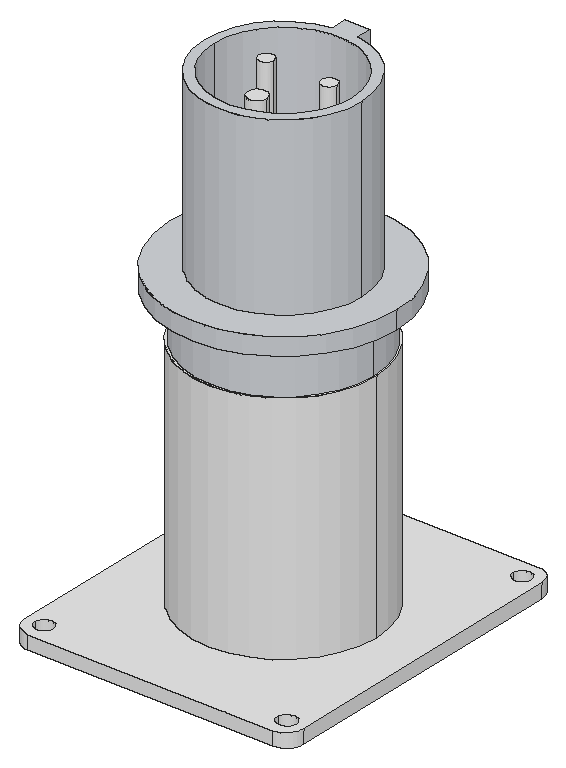
Revit family "Building-ConnessioniIEC309-GEWISS-IEC309HP-SPINE_FISSE_INC_DIRITTE_32A_IP44", category Apparecchi elettrici, host Superficie, Revit 2019
Family settings
  Host = Superficie
  Mantenere orientamento annotazione = Sì
  Quota connettore circolare = Usa diametro
  Tipo di parte = Normale
  Taglio con vuoti quando caricato = No
  Condiviso = Sì
  Punto di calcolo locali = Sì
Parameters (values of type "GW60222 - SPINA FISSA PROT.3P+N+T 32A 500V 7H")
  simbolo acceso [instance] = yes
  distanza_simbolo [instance] = 1 mm
  distanza dal piano [instance] = 0 mm
  W = 115 mm  # constant formula
  Voltaggio = 0 V
  Versione file RFA = "21.11"
  URL = "https://www.gewiss.com/it/it"
  Tipologia = "Spina fissa da incasso diritta"
  Tipo Cablaggio = "A vite"
  Termopressione con biglia = "125 °C (Parti attive) - 80 °C (Parti passive)"
  Tensione nominale = "480-500V"
  Temperatura di utilizzo = "-25 +55 °C"
  Spostamento_effettivo_S [instance] = 4000 mm - Spostamento_S  # 3040 mm
  Spostamento_S = 960 mm
  Sovraccarico ammissibile = "42A"
  Scheda Tecnica = "https://www.gewiss.com/it/it/search?q=GW60222"
  SPinotto = Default(2)
  SEO = "Spina"
  Riferimento h = "7"
  Resistenza di isolamento = "- 10 M?"
  Resistenza agli urti = "IK08"
  Default Elevation = 1219.2 mm
  Produttore = "GEWISS S.p.A."
  Potere d'interruzione a 1,1 Un = "40A"
  Piastra = Default(2)
  N.poli = 1
  N. poli = "3P+N+T"
  N. Manovre complessive = "-2000"
  Modello = "GW60222"
  L = 155 mm  # constant formula
  Immagine tipo = (empty or 0)
  IDT = "03bc9251df5d46109917e1efa5825c03"
  IDF = "d76cbf18-e5c5-4645-84c7-50959049441a"
  Grado di protezione = "IP44"
  Glow wire test: = "850 °C (Parti attive) - 650 °C (Parti passive)"
  Frequenza = "50/60 Hz"
  FORMULA = 1000 mm * 1  # 1000 mm
  Dimensioni flangia (mm) = "95x80"
  Descrizione = "SPINA FISSA PROT.3P+N+T 32A 500V 7H"
  Creato da GEWISS S.p.A. = ""
  Corrente nominale (A) = "32"
  Corpo centrale = Default(2)
  Colore: = "Nero"
  Codice Electrocod = "2230"
  Catalogo = "BUILDING"
  CapacitÃ  serraggio morsetti = "2,5-6 mm² cavi flessibili - 2,5-10 mm² cavi rigidi"
  COBie.Tagnumber = ""
  COBie.CreatedOn = ""
  COBie.CreatebBy = ""
  COBie.ComponentRegisterItemID = ""
  COBie.Component.TagNumber = ""
  COBie.Component.Space = ""
  COBie.Component.SerialNumber = ""
  COBie.Component.InstallationDate = ""
  COBie.Component.Description = ""
  COBie.Component.BarCode = ""
  BLOCCO = "B=C"
Types (11, lengths in mm): name | Tensione nominale | Scheda Tecnica | Riferimento h | N. poli | Modello | IDT | Descrizione | Colore:
  GW60212 - SPINA FISSA PROT.2P+T 32A 110V 4H | "100-130V" | "https://www.gewiss.com/it/it/search?q=GW60212" | "4" | "2P+T" | "GW60212" | "5957e123738947828010979f5ac80918" | "SPINA FISSA PROT.2P+T 32A 110V 4H" | "Giallo"
  GW60213 - SPINA FISSA PROT.3P+T 32A 110V 4H | "100-130V" | "https://www.gewiss.com/it/it/search?q=GW60213" | "4" | "3P+T" | "GW60213" | "360fe01cf45945a793aa11d1b4831f5e" | "SPINA FISSA PROT.3P+T 32A 110V 4H" | "Giallo"
  GW60214 - SPINA FISSA PROT.3P+N+T 32A 110V 4H | "100-130V" | "https://www.gewiss.com/it/it/search?q=GW60214" | "4" | "3P+N+T" | "GW60214" | "a7b5e83058fc4193af9304654423870b" | "SPINA FISSA PROT.3P+N+T 32A 110V 4H" | "Giallo"
  GW60215 - SPINA FISSA PROT.2P+T 32A 230V 6H | "200-250V" | "https://www.gewiss.com/it/it/search?q=GW60215" | "6" | "2P+T" | "GW60215" | "af181124651646ebacf77a13affe9c31" | "SPINA FISSA PROT.2P+T 32A 230V 6H" | "Blu"
  GW60216 - SPINA FISSA PROT.3P+T 32A 230V 9H | "200-250V" | "https://www.gewiss.com/it/it/search?q=GW60216" | "9" | "3P+T" | "GW60216" | "ac2094825a584a25acc256ca2b0e4219" | "SPINA FISSA PROT.3P+T 32A 230V 9H" | "Blu"
  GW60217 - SPINA FISSA PROT.3P+N+T 32A 230V 9H | "200-250V" | "https://www.gewiss.com/it/it/search?q=GW60217" | "9" | "3P+N+T" | "GW60217" | "1aa5043804a34d8aa795df6df294ae83" | "SPINA FISSA PROT.3P+N+T 32A 230V 9H" | "Blu"
  GW60218 - SPINA FISSA PROT.2P+T 32A 400V 9H | "380-415V" | "https://www.gewiss.com/it/it/search?q=GW60218" | "9" | "2P+T" | "GW60218" | "b3e47c4d5e9544a0aa77b37ff068d231" | "SPINA FISSA PROT.2P+T 32A 400V 9H" | "Rosso"
  GW60219 - SPINA FISSA PROT.3P+T 32A 400V 6H | "380-415V" | "https://www.gewiss.com/it/it/search?q=GW60219" | "6" | "3P+T" | "GW60219" | "25c3821e1645438baeb7df6a724ede2b" | "SPINA FISSA PROT.3P+T 32A 400V 6H" | "Rosso"
  GW60220 - SPINA FISSA PROT.3P+N+T 32A 400V 6H | "380-415V" | "https://www.gewiss.com/it/it/search?q=GW60220" | "6" | "3P+N+T" | "GW60220" | "7a4977bbb7e84abd91370ac63e5e0ef3" | "SPINA FISSA PROT.3P+N+T 32A 400V 6H" | "Rosso"
  GW60221 - SPINA FISSA PROT.3P+T 32A 500V 7H | "480-500V" | "https://www.gewiss.com/it/it/search?q=GW60221" | "7" | "3P+T" | "GW60221" | "e6bd1bdd790845dd9f171d811e444151" | "SPINA FISSA PROT.3P+T 32A 500V 7H" | "Nero"
  GW60222 - SPINA FISSA PROT.3P+N+T 32A 500V 7H | "480-500V" | "https://www.gewiss.com/it/it/search?q=GW60222" | "7" | "3P+N+T" | "GW60222" | "03bc9251df5d46109917e1efa5825c03" | "SPINA FISSA PROT.3P+N+T 32A 500V 7H" | "Nero"
Reference planes
  plane 1 "Centro (Fronte/Retro)": y = 0
  plane 2: z = 0
  plane 3 "Centro (Sinistra/Destra)": x = 0
  plane 4: x = -3000
  plane 5: x = 40
  plane 6: z = 0
Dimensions and locks
  plane 4 to plane 3 "Centro (Sinistra/Destra)" = 3000 mm
  "Spostamento_effettivo_S": plane 4 to plane 5
  "distanza dal piano": plane 6 to plane 2
  aligned and locked: plane 2 to host face
  aligned and locked: level to host face
  aligned and locked: plane 3 "Centro (Sinistra/Destra)" to nested 1
  aligned and locked: plane 1 "Centro (Fronte/Retro)" to nested 1
  aligned and locked: nested 2 to plane 5
  aligned and locked: nested 1 to host face
Automatic sketch dimensions
  host sketch curve to host sketch curve = 2438.4 mm  (x2)
Nested families
  nested 1: "base" at (0, 0, 0), type "base"
  nested 2: "simbolo_circuito_GW60201" at (40, 171.559, 0), visible <- "simbolo acceso", Distanza dal muro <- "distanza_simbolo", type "3P"
    with SIMBOLO ACCESO yes, Distanza dal muro 1 mm
Connectors
  electrical at (40, 47.5, 0), driven by "N.poli", driven by "Voltaggio"
    settings: on nested 1, index 1, voltage 0 V, apparent load 0 VA, apparent load phase1 0 VA, apparent load phase2 0 VA, apparent load phase3 0 VA, power factor 1, load classification "Altro", number of poles 1, system type 31, power factor state 1, is connector primary yes, connector utility no, sub classification motor no, connector description ""
Definition of nested family "base"
  Parameters (values of type "base")
    h = 95 mm
    dis_base = 71 mm
    Spinotto = none
    PIASTRA = none
    Lunghezza totale = 140 mm
    CENTRALE = none
    Bsae = 80 mm
  Reference planes
    plane 1 "Centro (Fronte/Retro)": y = 0
    plane 2: z = 0
    plane 3 "Centro (Sinistra/Destra)": x = 0
    plane 4 "EEE": through (4267.2, -291.041, 143.375) normal (0, -0.788, -0.6157)
    plane 5: x = 48
    plane 6: x = 80
    plane 7: y = 95
    plane 8: z = 4
    plane 9: y = 89.607
    plane 10: x = 74.724
    plane 11: x = 5.276
    plane 12: y = 5.392
    plane 13: y = 38.178
    plane 14: x = 40
    plane 15: y = 52.668
    plane 16: x = 31
    plane 17: x = 49
    plane 18: y = 47.5
    plane 19: z = 71
    plane 20: z = 85
    plane 21: z = 90
    plane 22: z = 140
    plane 23: z = 137.786
  Forms (mm)
    Extrusion 1, solid, material <- "PIASTRA"
      sketch origin (0, 0, 0) x (1, 0, 0) y (0, 1, 0)
        loop
          arc (5, 95) -> (1.464, 93.536) -> (0, 90) r 5
          line (0, 90) -> (0, 5)
          arc (0, 5) -> (1.464, 1.464) -> (5, 0) r 5
          line (5, 0) -> (75, 0)
          arc (75, 0) -> (78.536, 1.464) -> (80, 5) r 5
          line (80, 5) -> (80, 90)
          arc (80, 90) -> (78.536, 93.536) -> (75, 95) r 5
          line (75, 95) -> (5, 95)
      from 0 to 4
    Extrusion 2, void
      sketch origin (0, 0, 0) x (1, 0, 0) y (0, 1, 0)
        loop
          circle (5.276, 89.607) r 2.665
        loop
          circle (74.724, 89.607) r 2.602
        loop
          circle (74.724, 5.392) r 2.692
        loop
          circle (5.276, 5.392) r 2.603
      from 0 to 4
    Extrusion 3, solid, material <- "CENTRALE"
      sketch origin (0, 0, 0) x (1, 0, 0) y (0, 1, 0)
        loop
          circle (40, 47.5) r 26.675
      from 4 to 71
    Extrusion 4, solid
      sketch origin (0, 0, 0) x (1, 0, 0) y (0, 1, 0)
        loop
          circle (40, 47.5) r 26
      from 71 to 85
    Extrusion 5, solid
      sketch origin (0, 0, 0) x (1, 0, 0) y (0, 1, 0)
        loop
          circle (40, 47.5) r 32.5
      from 85 to 90
    Extrusion 6, solid
      sketch origin (0, 0, 0) x (1, 0, 0) y (0, 1, 0)
        loop
          circle (40, 47.5) r 22.572
        loop
          circle (40, 47.5) r 19.816
      from 90 to 140
    Extrusion 7, solid, material <- "Spinotto"
      sketch origin (0, 0, 0) x (1, 0, 0) y (0, 1, 0)
        loop
          circle (31, 52.668) r 2.069
        loop
          circle (49, 52.668) r 2.139
        loop
          circle (40, 38.178) r 2.694
      from 90 to 137.786
    Extrusion 8, solid
      sketch origin (0, 0, 0) x (1, 0, 0) y (0, 1, 0)
        loop
          line (43.532, 69.794) -> (43.532, 73.927)
          arc (43.532, 73.927) -> (39.951, 74.174) -> (36.371, 73.927) r 26.002
          line (36.371, 73.927) -> (36.371, 69.778)
          arc (36.371, 69.778) -> (39.951, 70.072) -> (43.532, 69.794) r 22.572
      from 90 to 140
  Cuts and joins
    Extrusion 2 cuts Extrusion 1
    joined: Extrusion 5, Extrusion 6, Extrusion 8
  Lines and regions (mm)
    symbolic lines
      curve 1: line (270.256, 355.85, 0) -> (282.43, 355.85, 0)
  Dimensions and locks
    "Bsae": plane 3 "Centro (Sinistra/Destra)" to plane 6
    "h": plane 1 "Centro (Fronte/Retro)" to plane 7
    locked: plane 8 to level at 4
    locked: plane 3 "Centro (Sinistra/Destra)" to plane 11 at 5.276
    locked: plane 10 to plane 6 at 5.276
    locked: plane 1 "Centro (Fronte/Retro)" to plane 12 at 5.392
    locked: plane 20 to plane 19 at 14
    locked: plane 21 to plane 20 at 5
    "Lunghezza totale": plane 22 to level
    locked: plane 22 to plane 23 at 2.214
    "dis_base": plane 19 to level
    equal spacing: plane 3 "Centro (Sinistra/Destra)", plane 14, plane 6
    locked: plane 16 to plane 14 at 9
    locked: plane 14 to plane 17 at 9
    locked: plane 15 to plane 18 at 5.168
    locked: plane 18 to plane 13 at 9.322
    locked: plane 7 to plane 9 at 5.393
    equal spacing: plane 1 "Centro (Fronte/Retro)", plane 18, plane 7
    radius of Extrusion 1 sketch curve = 5 mm  (x4)
    aligned and locked: level to plane 2
    aligned and locked: Extrusion 1 to level
    aligned and locked: plane 8 to Extrusion 1
    aligned and locked: Extrusion 2 to level
    aligned and locked: plane 8 to Extrusion 2
    aligned and locked: plane 14 to Extrusion 3 sketch curve
    aligned and locked: plane 18 to Extrusion 3 sketch curve
    aligned and locked: Extrusion 3 to plane 8
    aligned and locked: plane 19 to Extrusion 3
    aligned and locked: Extrusion 4 to plane 19
    aligned and locked: plane 20 to Extrusion 4
    aligned and locked: plane 14 to Extrusion 4 sketch curve
    aligned and locked: plane 18 to Extrusion 4 sketch curve
    aligned and locked: plane 18 to Extrusion 5 sketch curve
    aligned and locked: plane 14 to Extrusion 5 sketch curve
    aligned and locked: Extrusion 5 to plane 20
    aligned and locked: Extrusion 5 to plane 21
    aligned and locked: plane 18 to Extrusion 6 sketch curve  (x2)
    aligned and locked: plane 14 to Extrusion 6 sketch curve  (x2)
    aligned and locked: plane 21 to Extrusion 6
    aligned and locked: plane 22 to Extrusion 6
    aligned and locked: plane 15 to Extrusion 7 sketch curve  (x2)
    aligned and locked: plane 14 to Extrusion 7 sketch curve
    aligned and locked: plane 16 to Extrusion 7 sketch curve
    aligned and locked: plane 17 to Extrusion 7 sketch curve
    aligned and locked: plane 21 to Extrusion 7
    aligned and locked: plane 23 to Extrusion 7
    aligned and locked: plane 21 to cut or joined group of Extrusion 5, Extrusion 6, Extrusion 8
    aligned and locked: plane 22 to cut or joined group of Extrusion 5, Extrusion 6, Extrusion 8
  Automatic sketch dimensions
    Extrusion 1 sketch curve to plane 3 "Centro (Sinistra/Destra)" = 0 mm
    Extrusion 1 sketch curve to plane 7 = 0 mm
    plane 1 "Centro (Fronte/Retro)" to Extrusion 1 sketch curve = 0 mm
    Extrusion 1 sketch curve to plane 6 = 0 mm
    Extrusion 2 sketch curve to plane 11 = 0 mm  (x2)
    Extrusion 2 sketch curve to plane 9 = 0 mm  (x2)
    Extrusion 2 sketch curve to plane 10 = 0 mm  (x2)
    Extrusion 2 sketch curve to plane 12 = 0 mm  (x2)
    Extrusion 7 sketch curve to plane 13 = 0 mm
    curve 1 to plane 6 = 190.256 mm
    plane 7 to curve 1 = 260.85 mm
    curve 1 to curve 1 = 12.174 mm
    Extrusion 8 sketch curve to plane 14 = 3.629 mm
    Extrusion 8 sketch curve to plane 14 = 0.049 mm
    plane 18 to Extrusion 8 sketch curve = 0.673 mm
    plane 14 to Extrusion 8 sketch curve = 3.532 mm
    Extrusion 8 sketch curve to Extrusion 8 sketch curve = 4.133 mm
    Extrusion 8 sketch curve to plane 14 = 0 mm
    Extrusion 8 sketch curve to plane 18 = 0 mm
    Extrusion 8 sketch curve to Extrusion 8 sketch curve = 0.016 mm
    radius of Extrusion 2 sketch curve = 2.665 mm
    radius of Extrusion 2 sketch curve = 2.602 mm
    radius of Extrusion 2 sketch curve = 2.692 mm
    radius of Extrusion 2 sketch curve = 2.603 mm
    radius of Extrusion 3 sketch curve = 26.675 mm
    radius of Extrusion 4 sketch curve = 26 mm
    radius of Extrusion 5 sketch curve = 32.5 mm
    radius of Extrusion 6 sketch curve = 22.572 mm
    radius of Extrusion 6 sketch curve = 19.816 mm
    radius of Extrusion 7 sketch curve = 2.069 mm
    radius of Extrusion 7 sketch curve = 2.139 mm
    radius of Extrusion 7 sketch curve = 2.694 mm
Definition of nested family "simbolo_circuito_GW60201"
  Parameters (values of type "3P")
    SIMBOLO ACCESO [instance] = yes
    Distanza dal muro [instance] = 0 mm
  Reference planes
    plane 1: y = 0
    plane 2: x = 0
  Dimensions and locks
    "Distanza dal muro": plane 1 to nested 1
    aligned and locked: plane 2 to nested 1
  Nested families
    nested 1: "simbolo_circuito_GW60201_base" at (0, 0, 0), visible <- "SIMBOLO ACCESO", type "3P"
      with CORNICE SIMBOLO yes
  Definition of nested family "simbolo_circuito_GW60201_base"
    Parameters (values of type "3P")
      CORNICE SIMBOLO [instance] = yes
      3P = yes
    Types (2, lengths in mm): name | 3P
      3P | yes
      2P | no
    Reference planes
      plane 1: y = 0
      plane 2: x = 0
    Lines and regions (mm)
      detail lines
        curve 1: arc (0.298, 0.46, 0) -> (0, 0.758, 0) -> (-0.298, 0.46, 0) r 0.298
        curve 2: arc (0.139, 0.652, 0) -> (0, 0.731, 0) -> (-0.139, 0.652, 0) r 0.163
        curve 3: arc (-0.139, 0.106, 0) -> (0, 0.027, 0) -> (0.139, 0.106, 0) r 0.163
        curve 4: circle (0, 2.381, 0) r 0.05 normal (0, 0, 1)
        curve 5: line (0, 3.386, 0) -> (0, 0.758, 0)
        curve 6: line (-0.139, 0.652, 0) -> (-0.139, 0.106, 0)
        curve 7: line (0.139, 0.652, 0) -> (0.139, 0.106, 0)
      detail lines, not visible
        curve 8: arc (2.679, 0.46, 0) -> (2.381, 0.758, 0) -> (2.083, 0.46, 0) r 0.298
        curve 9: arc (2.52, 0.652, 0) -> (2.381, 0.731, 0) -> (2.241, 0.652, 0) r 0.163
        curve 10: arc (2.241, 0.106, 0) -> (2.381, 0.027, 0) -> (2.52, 0.106, 0) r 0.163
        curve 11: circle (2.381, 2.381, 0) r 0.05 normal (0, 0, 1)
        curve 12: line (2.381, 3.386, 0) -> (2.381, 0.758, 0)
        curve 13: line (2.241, 0.652, 0) -> (2.241, 0.106, 0)
        curve 14: line (2.52, 0.652, 0) -> (2.52, 0.106, 0)
